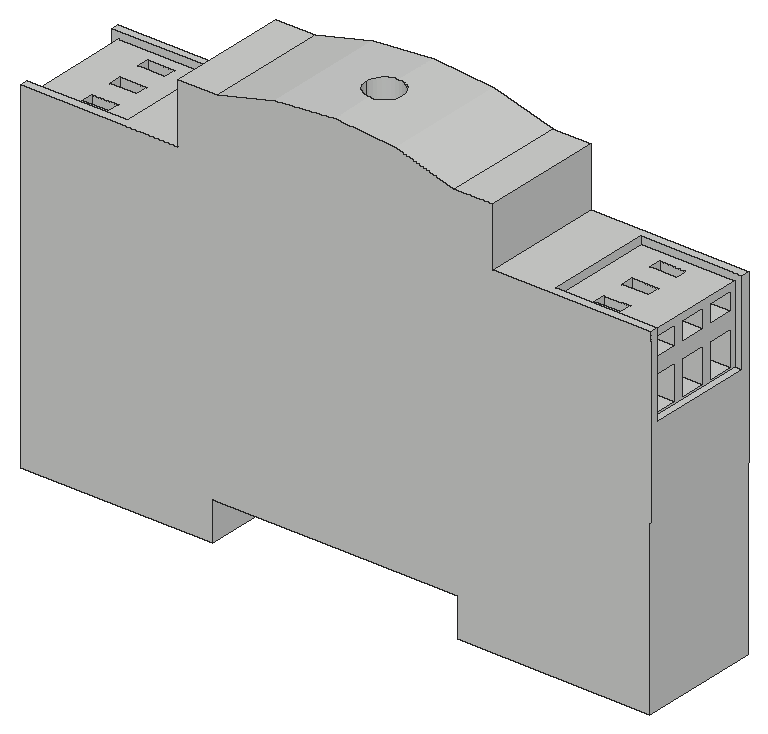
Revit family "DC", category Generic Models, Revit 2015
Parameters (values of type "VF48-AC/DC-FS")
  Width = 90 mm
  URL = "http://www.obo-bettermann.com"
  Material 2 = OBO PE
  Material = OBO PA 6 GF20
  Manufacturer Art.No. = "5097822"
  Manufacturer = "OBO Bettermann"
  Length = 17.5 mm
  Height = 60.5 mm
  GTIN = "4012195812258"
  Cut depth = 12 mm
  Article Type = "VF48-AC/DC-FS"
Types (4, lengths in mm): name | Manufacturer Art.No. | GTIN | Article Type
  (no name) | "5097822" | "4012195812258" | "VF48-AC/DC-FS"
  VF12-AC/DC-FS | "5097454" | "4012195736561" | "VF12-AC/DC-FS"
  VF24-AC/DC-FS | "5097820" | "4012195578185" | "VF24-AC/DC-FS"
  VF48-AC/DC-FS | "5097822" | "4012195812258" | "VF48-AC/DC-FS"
Reference planes
  plane 1 "Center (Front/Back)": y = 0
  plane 2: z = 0
  plane 3 "Center (Left/Right)": x = 0
  plane 4: z = 60.5
  plane 5: y = 8.75
  plane 6: y = -8.75
  plane 7: z = 37
  plane 8: z = 48
  plane 9: z = 46
  plane 10: x = 39
  plane 11: x = -39
  plane 12: z = 61.5
  plane 13: z = 51.5
  plane 14: z = 61.5
  plane 15: z = 51.5
  plane 16: x = -44
Forms (mm)
  Extrusion 1, solid, material "OBO PA 6 GF20" <- "Material"
    sketch origin (0, 0, 0) x (1, 0, 0) y (0, 0, 1)
      loop
        line (0, 5.5) -> (17.5, 5.5) -> (17.5, 0) -> (45, 0) -> (45, 49) -> (22.5, 49) -> (22.5, 57.5) -> (17, 57.5)
        arc (17, 57.5) -> (0, 60.5) -> (-17, 57.5) r 49.667
        line (-17, 57.5) -> (-22.5, 57.5) -> (-22.5, 49) -> (-45, 49) -> (-45, 0) -> (-17.5, 0) -> (-17.5, 5.5) -> (0, 5.5)
    from -8.75 to 8.75
  Extrusion 2, void
    sketch origin (0, 0, 0) x (1, 0, 0) y (0, 1, 0)
      loop
        line (30.6, 7.6) -> (30.6, -7.6) -> (45, -7.6) -> (45, 7.6) -> (30.6, 7.6)
      loop
        line (-45, 7.6) -> (-45, -7.6) -> (-30.6, -7.6) -> (-30.6, 7.6) -> (-45, 7.6)
    from 37 to 49
  Extrusion 3, solid, material "OBO PE" <- "Material 2"
    sketch origin (0, 0, 0) x (1, 0, 0) y (0, 1, 0)
      loop
        line (30.6, 7.6) -> (30.6, -7.6) -> (44, -7.6) -> (44, 7.6) -> (30.6, 7.6)
      loop
        line (-30.6, 7.6) -> (-44, 7.6) -> (-44, -7.6) -> (-30.6, -7.6) -> (-30.6, 7.6)
    from 37 to 48
  Extrusion 4, void
    sketch origin (0, 0, 0) x (1, 0, 0) y (0, 1, 0)
      loop
        line (34.7, 0.9) -> (34.7, -0.9) -> (38.5, -0.9) -> (38.5, 0.9) -> (34.7, 0.9)
      loop
        line (34.7, 5.9) -> (34.7, 4.1) -> (38.5, 4.1) -> (38.5, 5.9) -> (34.7, 5.9)
      loop
        line (34.7, -4.1) -> (34.7, -5.9) -> (38.5, -5.9) -> (38.5, -4.1) -> (34.7, -4.1)
      loop
        line (-34.7, 5.9) -> (-38.5, 5.9) -> (-38.5, 4.1) -> (-34.7, 4.1) -> (-34.7, 5.9)
      loop
        line (-34.7, 0.9) -> (-38.5, 0.9) -> (-38.5, -0.9) -> (-34.7, -0.9) -> (-34.7, 0.9)
      loop
        line (-34.7, -4.1) -> (-38.5, -4.1) -> (-38.5, -5.9) -> (-34.7, -5.9) -> (-34.7, -4.1)
    from 46 to 48
  Extrusion 5, void
    sketch origin (0, 0, 0) x (0, 1, 0) y (0, 0, 1)
      loop
        line (1.9, 47) -> (-1.9, 47) -> (-1.9, 44.4) -> (1.9, 44.4) -> (1.9, 47)
      loop
        line (6.9, 47) -> (3.1, 47) -> (3.1, 44.4) -> (6.9, 44.4) -> (6.9, 47)
      loop
        line (-3.1, 47) -> (-6.9, 47) -> (-6.9, 44.4) -> (-3.1, 44.4) -> (-3.1, 47)
      loop
        line (6.9, 42.2) -> (3.1, 42.2) -> (3.1, 37.2) -> (6.9, 37.2) -> (6.9, 42.2)
      loop
        line (1.9, 42.2) -> (-1.9, 42.2) -> (-1.9, 37.2) -> (1.9, 37.2) -> (1.9, 42.2)
      loop
        line (-3.1, 42.2) -> (-6.9, 42.2) -> (-6.9, 37.2) -> (-3.1, 37.2) -> (-3.1, 42.2)
    from 39 to 44
  Extrusion 6, void
    sketch origin (0, 0, 0) x (0, 1, 0) y (0, 0, 1)
      loop
        line (3.1, 44.4) -> (6.9, 44.4) -> (6.9, 47) -> (3.1, 47) -> (3.1, 44.4)
      loop
        line (1.9, 44.4) -> (1.9, 47) -> (-1.9, 47) -> (-1.9, 44.4) -> (1.9, 44.4)
      loop
        line (-3.1, 47) -> (-6.9, 47) -> (-6.9, 44.4) -> (-3.1, 44.4) -> (-3.1, 47)
      loop
        line (6.9, 42.2) -> (3.1, 42.2) -> (3.1, 37.2) -> (6.9, 37.2) -> (6.9, 42.2)
      loop
        line (1.9, 37.2) -> (1.9, 42.2) -> (-1.9, 42.2) -> (-1.9, 37.2) -> (1.9, 37.2)
      loop
        line (-3.1, 42.2) -> (-6.9, 42.2) -> (-6.9, 37.2) -> (-3.1, 37.2) -> (-3.1, 42.2)
    from -44 to -39
  Extrusion 7, void
    sketch origin (0, 0, 0) x (1, 0, 0) y (0, 1, 0)
      loop
        circle (0, 0) r 2.6
    from 51.5 to 61.5
  Extrusion 8, void
    sketch origin (0, 0, 0) x (0, 1, 0) y (0, 0, 1)
      loop
        line (5.55, 0) -> (5.55, 15.2) -> (-5.55, 15.2) -> (-5.55, 0) -> (5.55, 0)
    from -45 to -44
Cuts and joins
  Extrusion 2, Extrusion 4, Extrusion 5, Extrusion 6, Extrusion 7, Extrusion 8 cuts Extrusion 1
  Extrusion 4, Extrusion 5, Extrusion 6 cuts Extrusion 3
Dimensions and locks
  locked: Extrusion 1 sketch curve to plane 3 "Center (Left/Right)" at 45
  locked: Extrusion 1 sketch curve to level at 49  (x2)
  locked: Extrusion 1 sketch curve to level at 5.5
  locked: Extrusion 1 sketch curve to plane 3 "Center (Left/Right)" at 17.5
  locked: Extrusion 1 sketch curve to plane 3 "Center (Left/Right)" at 22.5
  locked: Extrusion 1 sketch curve to level at 57.5  (x2)
  locked: Extrusion 1 sketch curve to Extrusion 1 sketch curve at 5.5  (x2)
  "Width": Extrusion 1 sketch curve to Extrusion 1 sketch curve
  locked: plane 3 "Center (Left/Right)" to Extrusion 1 sketch curve at 17.5
  locked: plane 3 "Center (Left/Right)" to Extrusion 1 sketch curve at 22.5
  "Height": plane 4 to level
  "Length": plane 5 to plane 6
  locked: plane 5 to plane 1 "Center (Front/Back)" at 8.75
  locked: Extrusion 2 sketch curve to Extrusion 2 sketch curve at 15.2
  equal spacing: Extrusion 2 sketch curve, plane 1 "Center (Front/Back)", Extrusion 2 sketch curve, locked at 7.6 each
  locked: Extrusion 2 sketch curve to Extrusion 1 at 14.4
  locked: Extrusion 1 to Extrusion 2 sketch curve at 14.4
  "Cut depth": cut or joined group of Extrusion 1, Extrusion 2, Extrusion 4, Extrusion 5, Extrusion 6, Extrusion 7, Extrusion 8 to plane 7
  locked: Extrusion 3 sketch curve to cut or joined group of Extrusion 1, Extrusion 2, Extrusion 4, Extrusion 5, Extrusion 6, Extrusion 7, Extrusion 8 at 1
  locked: cut or joined group of Extrusion 1, Extrusion 2, Extrusion 4, Extrusion 5, Extrusion 6, Extrusion 7, Extrusion 8 to Extrusion 3 sketch curve at 1
  locked: cut or joined group of Extrusion 1, Extrusion 2, Extrusion 4, Extrusion 5, Extrusion 6, Extrusion 7, Extrusion 8 to plane 8 at 1
  locked: Extrusion 4 sketch curve to Extrusion 4 sketch curve at 1.8  (x3)
  equal spacing: Extrusion 4 sketch curve, plane 1 "Center (Front/Back)", Extrusion 4 sketch curve, locked at 0.9 each
  locked: Extrusion 4 sketch curve to Extrusion 4 sketch curve at 3.2  (x2)
  locked: Extrusion 4 sketch curve to Extrusion 4 sketch curve at 3.8  (x2)
  locked: Extrusion 4 sketch curve to cut or joined group of Extrusion 1, Extrusion 2, Extrusion 4, Extrusion 5, Extrusion 6, Extrusion 7, Extrusion 8 at 10.3
  locked: cut or joined group of Extrusion 1, Extrusion 2, Extrusion 4, Extrusion 5, Extrusion 6, Extrusion 7, Extrusion 8 to Extrusion 4 sketch curve at 10.3
  locked: plane 8 to plane 9 at 2
  locked: Extrusion 5 sketch curve to Extrusion 5 sketch curve at 3.8  (x3)
  equal spacing: Extrusion 5 sketch curve, plane 1 "Center (Front/Back)", Extrusion 5 sketch curve, locked at 1.9 each
  locked: Extrusion 5 sketch curve to Extrusion 5 sketch curve at 1.2  (x2)
  locked: cut or joined group of Extrusion 3, Extrusion 4, Extrusion 5, Extrusion 6 to Extrusion 5 sketch curve at 1
  locked: Extrusion 5 sketch curve to Extrusion 5 sketch curve at 2.6
  locked: Extrusion 5 sketch curve to Extrusion 5 sketch curve at 2.2
  locked: Extrusion 5 sketch curve to Extrusion 5 sketch curve at 5
  locked: cut or joined group of Extrusion 3, Extrusion 4, Extrusion 5, Extrusion 6 to plane 10 at 5
  locked: cut or joined group of Extrusion 3, Extrusion 4, Extrusion 5, Extrusion 6 to plane 11 at 5
  locked: plane 12 to cut or joined group of Extrusion 1, Extrusion 2, Extrusion 4, Extrusion 5, Extrusion 6, Extrusion 7, Extrusion 8 at 4
  locked: plane 12 to plane 13 at 10
  locked: plane 14 to cut or joined group of Extrusion 1, Extrusion 2, Extrusion 4, Extrusion 5, Extrusion 6, Extrusion 7, Extrusion 8 at 4
  locked: plane 14 to plane 15 at 10
  locked: cut or joined group of Extrusion 1, Extrusion 2, Extrusion 4, Extrusion 5, Extrusion 6, Extrusion 7, Extrusion 8 to Extrusion 8 sketch curve at 15.2
  locked: Extrusion 8 sketch curve to Extrusion 8 sketch curve at 11.1
  equal spacing: Extrusion 8 sketch curve, plane 1 "Center (Front/Back)", Extrusion 8 sketch curve, locked at 5.55 each
  locked: cut or joined group of Extrusion 1, Extrusion 2, Extrusion 4, Extrusion 5, Extrusion 6, Extrusion 7, Extrusion 8 to plane 16 at 1
  radius of Extrusion 1 sketch curve = 49.667 mm
  radius of Extrusion 7 sketch curve = 2.6 mm
  aligned and locked: level to plane 2
  aligned and locked: Extrusion 1 to plane 5
  aligned and locked: plane 6 to Extrusion 1
  aligned and locked: Extrusion 2 sketch curve to Extrusion 1  (x2)
  aligned and locked: Extrusion 2 sketch curve to Extrusion 2 sketch curve  (x2)
  aligned and locked: Extrusion 2 to plane 7
  aligned and locked: Extrusion 2 to Extrusion 1
  aligned and locked: Extrusion 3 sketch curve to cut or joined group of Extrusion 1, Extrusion 2, Extrusion 4, Extrusion 5, Extrusion 6, Extrusion 7, Extrusion 8  (x5)
  aligned and locked: cut or joined group of Extrusion 1, Extrusion 2, Extrusion 4, Extrusion 5, Extrusion 6, Extrusion 7, Extrusion 8 to Extrusion 3 sketch curve
  aligned and locked: cut or joined group of Extrusion 1, Extrusion 2, Extrusion 4, Extrusion 5, Extrusion 6, Extrusion 7, Extrusion 8 to Extrusion 3
  aligned and locked: plane 8 to Extrusion 3
  aligned and locked: Extrusion 4 sketch curve to Extrusion 4 sketch curve  (x14)
  aligned and locked: Extrusion 4 to plane 9
  aligned and locked: plane 8 to Extrusion 4
  aligned and locked: Extrusion 5 sketch curve to Extrusion 5 sketch curve  (x14)
  aligned and locked: Extrusion 5 to plane 10
  aligned and locked: cut or joined group of Extrusion 3, Extrusion 4, Extrusion 5, Extrusion 6 to Extrusion 5
  aligned and locked: Extrusion 6 sketch curve to cut or joined group of Extrusion 3, Extrusion 4, Extrusion 5, Extrusion 6  (x24)
  aligned and locked: cut or joined group of Extrusion 3, Extrusion 4, Extrusion 5, Extrusion 6 to Extrusion 6
  aligned and locked: plane 11 to Extrusion 6
  aligned and locked: Extrusion 7 to plane 15
  aligned and locked: plane 14 to Extrusion 7
  aligned and locked: Extrusion 1 to Extrusion 8
  aligned and locked: Extrusion 8 to cut or joined group of Extrusion 3, Extrusion 4, Extrusion 5, Extrusion 6
Automatic sketch dimensions
  Extrusion 1 sketch curve to plane 3 "Center (Left/Right)" = 0 mm
  Extrusion 1 sketch curve to level = 0 mm  (x2)
  Extrusion 6 sketch curve to plane 1 "Center (Front/Back)" = 3.1 mm
  plane 1 "Center (Front/Back)" to Extrusion 7 sketch curve = 0 mm
  Extrusion 7 sketch curve to plane 3 "Center (Left/Right)" = 0 mm
  Extrusion 8 sketch curve to level = 0 mm
